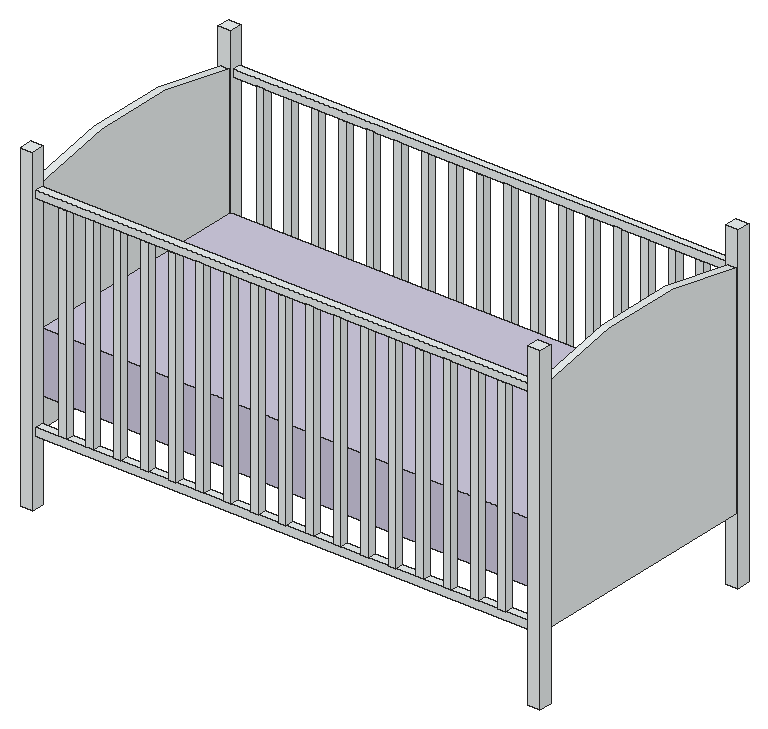
Revit family "05434d8a77da492ab79bade24e9361dd", category Furniture, Revit 2025
Family settings
  Work Plane-Based = No
  Enable Cutting in Views = No
  Always vertical = Yes
  Cut with Voids When Loaded = No
  Render Appearance Source = Family Geometry
  Shared = No
  Room Calculation Point = No
Parameters (values of type "1300x260x800mm")
  Material Mattress = Cloth - Pattern
  Material Frame = Paint - White
  Keynote = "N"
  Default Elevation = 0 mm
Reference planes
  plane 1 "Center F/B": y = 0
  plane 2: z = -4.762
  plane 3 "Center L/R": x = 0
  plane 4: y = -323.85
  plane 5: y = 323.85
  plane 6: x = -647.7
  plane 7: x = 647.7
  plane 8: z = 795.338
  plane 9: x = -615.95
  plane 10: x = 615.95
  plane 11: y = -292.1
  plane 12: y = 292.1
  plane 13: z = 395.287
  plane 14: x = -641.35
  plane 15: x = -622.3
  plane 16: x = -641.35
  plane 17: x = -622.3
  plane 18: y = -317.5
  plane 19: y = -298.45
  plane 20: y = 317.5
  plane 21: y = 298.45
  plane 22: x = 622.3
  plane 23: x = 641.35
  plane 24: x = 622.3
  plane 25: z = 165.252
  plane 26: z = 752.324
  plane 27: z = 714.224
  plane 28: x = -622.3
  plane 29: x = -547.511
  plane 30: x = -479.072
  plane 31: x = -410.633
  plane 32: x = -342.194
  plane 33: x = -273.756
  plane 34: x = -205.317
  plane 35: x = -136.878
  plane 36: x = -68.439
  plane 37: x = 68.439
  plane 38: x = 136.878
  plane 39: x = 205.317
  plane 40: x = 273.756
  plane 41: x = 342.194
  plane 42: x = 410.633
  plane 43: x = 479.072
  plane 44: x = 547.511
Forms (mm)
  Extrusion 1, solid, material "Cloth - Pattern" <- "Material Mattress"
    sketch origin (0, 0, 0) x (1, 0, 0) y (0, 1, 0)
      loop
        line (-615.95, -292.1) -> (615.95, -292.1) -> (615.95, 292.1) -> (-615.95, 292.1) -> (-615.95, -292.1)
    from 242.888 to 395.288
  Extrusion 2, solid, material "Paint - White" <- "Material Frame"
    sketch origin (0, 0, 0) x (1, 0, 0) y (0, 1, 0)
      loop
        line (-647.7, 323.85) -> (-647.7, 292.1) -> (-615.95, 292.1) -> (-615.95, 323.85) -> (-647.7, 323.85)
      loop
        line (615.95, 292.1) -> (647.7, 292.1) -> (647.7, 323.85) -> (615.95, 323.85) -> (615.95, 292.1)
      loop
        line (615.95, -292.1) -> (615.95, -323.85) -> (647.7, -323.85) -> (647.7, -292.1) -> (615.95, -292.1)
      loop
        line (-615.95, -292.1) -> (-647.7, -292.1) -> (-647.7, -323.85) -> (-615.95, -323.85) -> (-615.95, -292.1)
    from 0 to 800.1
  Extrusion 3, solid, material "Paint - White" <- "Material Frame"
    sketch origin (-615.95, 292.1, 395.288) x (0, 0, -1) y (0, -1, 0)
      loop
        arc (-318.936, 584.2) -> (-360.744, 292.1) -> (-318.936, 0) r 1041.326
        line (-318.936, 0) -> (230.036, 0) -> (230.036, 584.2) -> (-318.936, 584.2)
    from 6.35 to 25.4
  Extrusion 4, solid, material "Paint - White" <- "Material Frame"
    sketch origin (615.95, -292.1, 395.288) x (0, 0, -1) y (0, 1, 0)
      loop
        arc (-318.936, 584.2) -> (-360.741, 292.1) -> (-318.936, 0) r 1041.4
        line (-318.936, 0) -> (230.036, 0) -> (230.036, 584.2) -> (-318.936, 584.2)
    from 6.35 to 25.4
  Extrusion 5, solid, material "Paint - White" <- "Material Frame"
    sketch origin (0, 0, 0) x (1, 0, 0) y (0, 1, 0)
      loop
        line (-615.95, -317.5) -> (615.95, -317.5) -> (615.95, -298.45) -> (-615.95, -298.45) -> (-615.95, -317.5)
    from 184.302 to 165.252
  Extrusion 6, solid, material "Paint - White" <- "Material Frame"
    sketch origin (0, 0, 0) x (1, 0, 0) y (0, 1, 0)
      loop
        line (-615.95, -317.5) -> (615.95, -317.5) -> (615.95, -298.45) -> (-615.95, -298.45) -> (-615.95, -317.5)
    from 695.174 to 714.224
  Extrusion 7, solid, material "Paint - White" <- "Material Frame"
    sketch origin (1.913, 0, 0) x (1, 0, 0) y (0, 1, 0)
      loop
        line (-558.949, -298.45) -> (-558.949, -317.5) -> (-539.899, -317.5) -> (-539.899, -298.45) -> (-558.949, -298.45)
    from 184.302 to 695.174
  Extrusion 8, solid, material "Paint - White" <- "Material Frame"
    sketch origin (72.16, 0, 0) x (1, 0, 0) y (0, 1, 0)
      loop
        line (-560.757, -298.45) -> (-560.757, -317.5) -> (-541.707, -317.5) -> (-541.707, -298.45) -> (-560.757, -298.45)
    from 184.302 to 695.174
  Extrusion 9, solid, material "Paint - White" <- "Material Frame"
    sketch origin (139.7, 0, 0) x (1, 0, 0) y (0, 1, 0)
      loop
        line (-560.224, -298.45) -> (-560.224, -317.5) -> (-541.174, -317.5) -> (-541.174, -298.45) -> (-560.224, -298.45)
    from 184.302 to 695.174
  Extrusion 10, solid, material "Paint - White" <- "Material Frame"
    sketch origin (210.313, 0, 0) x (1, 0, 0) y (0, 1, 0)
      loop
        line (-562.033, -298.45) -> (-562.033, -317.5) -> (-542.983, -317.5) -> (-542.983, -298.45) -> (-562.033, -298.45)
    from 184.302 to 695.174
  Extrusion 11, solid, material "Paint - White" <- "Material Frame"
    sketch origin (285.244, 0, 0) x (1, 0, 0) y (0, 1, 0)
      loop
        line (-568.524, -298.45) -> (-568.524, -317.5) -> (-549.474, -317.5) -> (-549.474, -298.45) -> (-568.524, -298.45)
    from 184.302 to 695.174
  Extrusion 12, solid, material "Paint - White" <- "Material Frame"
    sketch origin (353.149, 0, 0) x (1, 0, 0) y (0, 1, 0)
      loop
        line (-567.991, -298.45) -> (-567.991, -317.5) -> (-548.941, -317.5) -> (-548.941, -298.45) -> (-567.991, -298.45)
    from 184.302 to 695.174
  Extrusion 13, solid, material "Paint - White" <- "Material Frame"
    sketch origin (421.055, 0, 0) x (1, 0, 0) y (0, 1, 0)
      loop
        line (-567.458, -298.45) -> (-567.458, -317.5) -> (-548.408, -317.5) -> (-548.408, -298.45) -> (-567.458, -298.45)
    from 184.302 to 695.174
  Extrusion 14, solid, material "Paint - White" <- "Material Frame"
    sketch origin (488.95, 0, 0) x (1, 0, 0) y (0, 1, 0)
      loop
        line (-566.925, -298.45) -> (-566.925, -317.5) -> (-547.875, -317.5) -> (-547.875, -298.45) -> (-566.925, -298.45)
    from 184.302 to 695.174
  Extrusion 15, solid, material "Paint - White" <- "Material Frame"
    sketch origin (555.625, 0, 0) x (1, 0, 0) y (0, 1, 0)
      loop
        line (-565.15, -298.45) -> (-565.15, -317.5) -> (-546.1, -317.5) -> (-546.1, -298.45) -> (-565.15, -298.45)
    from 184.302 to 695.174
  Extrusion 16, solid, material "Paint - White" <- "Material Frame"
    sketch origin (629.455, 0, 0) x (1, 0, 0) y (0, 1, 0)
      loop
        line (-570.541, -298.45) -> (-570.541, -317.5) -> (-551.491, -317.5) -> (-551.491, -298.45) -> (-570.541, -298.45)
    from 184.302 to 695.174
  Extrusion 17, solid, material "Paint - White" <- "Material Frame"
    sketch origin (704.386, 0, 0) x (1, 0, 0) y (0, 1, 0)
      loop
        line (-577.033, -298.45) -> (-577.033, -317.5) -> (-557.983, -317.5) -> (-557.983, -298.45) -> (-577.033, -298.45)
    from 184.302 to 695.174
  Extrusion 18, solid, material "Paint - White" <- "Material Frame"
    sketch origin (767.608, 0, 0) x (1, 0, 0) y (0, 1, 0)
      loop
        line (-571.817, -298.45) -> (-571.817, -317.5) -> (-552.767, -317.5) -> (-552.767, -298.45) -> (-571.817, -298.45)
    from 184.302 to 695.174
  Extrusion 19, solid, material "Paint - White" <- "Material Frame"
    sketch origin (840.197, 0, 0) x (1, 0, 0) y (0, 1, 0)
      loop
        line (-575.967, -298.45) -> (-575.967, -317.5) -> (-556.917, -317.5) -> (-556.917, -298.45) -> (-575.967, -298.45)
    from 184.302 to 695.174
  Extrusion 20, solid, material "Paint - White" <- "Material Frame"
    sketch origin (912.786, 0, 0) x (1, 0, 0) y (0, 1, 0)
      loop
        line (-580.117, -298.45) -> (-580.117, -317.5) -> (-561.067, -317.5) -> (-561.067, -298.45) -> (-580.117, -298.45)
    from 184.302 to 695.174
  Extrusion 21, solid, material "Paint - White" <- "Material Frame"
    sketch origin (976.009, 0, 0) x (1, 0, 0) y (0, 1, 0)
      loop
        line (-574.9, -298.45) -> (-574.9, -317.5) -> (-555.85, -317.5) -> (-555.85, -298.45) -> (-574.9, -298.45)
    from 184.302 to 695.174
  Extrusion 22, solid, material "Paint - White" <- "Material Frame"
    sketch origin (1050.925, 0, 0) x (1, 0, 0) y (0, 1, 0)
      loop
        line (-581.378, -298.45) -> (-581.378, -317.5) -> (-562.328, -317.5) -> (-562.328, -298.45) -> (-581.378, -298.45)
    from 184.302 to 695.174
  Extrusion 23, solid, material "Paint - White" <- "Material Frame"
    sketch origin (1123.528, 0, 0) x (1, 0, 0) y (0, 1, 0)
      loop
        line (-585.542, -298.45) -> (-585.542, -317.5) -> (-566.492, -317.5) -> (-566.492, -298.45) -> (-585.542, -298.45)
    from 184.302 to 695.174
  Extrusion 24, solid, material "Paint - White" <- "Material Frame"
    sketch origin (0, 615.95, 0) x (1, 0, 0) y (0, 1, 0)
      loop
        line (-615.95, -317.5) -> (615.95, -317.5) -> (615.95, -298.45) -> (-615.95, -298.45) -> (-615.95, -317.5)
    from 184.302 to 165.252
  Extrusion 25, solid, material "Paint - White" <- "Material Frame"
    sketch origin (0, 615.95, 0) x (1, 0, 0) y (0, 1, 0)
      loop
        line (-615.95, -317.5) -> (615.95, -317.5) -> (615.95, -298.45) -> (-615.95, -298.45) -> (-615.95, -317.5)
    from 695.174 to 714.224
  Extrusion 26, solid, material "Paint - White" <- "Material Frame"
    sketch origin (8.114, 615.95, 0) x (1, 0, 0) y (0, 1, 0)
      loop
        line (-565.15, -298.45) -> (-565.15, -317.5) -> (-546.1, -317.5) -> (-546.1, -298.45) -> (-565.15, -298.45)
    from 184.302 to 695.174
  Extrusion 27, solid, material "Paint - White" <- "Material Frame"
    sketch origin (76.553, 615.95, 0) x (1, 0, 0) y (0, 1, 0)
      loop
        line (-565.15, -298.45) -> (-565.15, -317.5) -> (-546.1, -317.5) -> (-546.1, -298.45) -> (-565.15, -298.45)
    from 184.302 to 695.174
  Extrusion 28, solid, material "Paint - White" <- "Material Frame"
    sketch origin (144.992, 615.95, 0) x (1, 0, 0) y (0, 1, 0)
      loop
        line (-565.15, -298.45) -> (-565.15, -317.5) -> (-546.1, -317.5) -> (-546.1, -298.45) -> (-565.15, -298.45)
    from 184.302 to 695.174
  Extrusion 29, solid, material "Paint - White" <- "Material Frame"
    sketch origin (213.431, 615.95, 0) x (1, 0, 0) y (0, 1, 0)
      loop
        line (-565.15, -298.45) -> (-565.15, -317.5) -> (-546.1, -317.5) -> (-546.1, -298.45) -> (-565.15, -298.45)
    from 184.302 to 695.174
  Extrusion 30, solid, material "Paint - White" <- "Material Frame"
    sketch origin (281.869, 615.95, 0) x (1, 0, 0) y (0, 1, 0)
      loop
        line (-565.15, -298.45) -> (-565.15, -317.5) -> (-546.1, -317.5) -> (-546.1, -298.45) -> (-565.15, -298.45)
    from 184.302 to 695.174
  Extrusion 31, solid, material "Paint - White" <- "Material Frame"
    sketch origin (350.308, 615.95, 0) x (1, 0, 0) y (0, 1, 0)
      loop
        line (-565.15, -298.45) -> (-565.15, -317.5) -> (-546.1, -317.5) -> (-546.1, -298.45) -> (-565.15, -298.45)
    from 184.302 to 695.174
  Extrusion 32, solid, material "Paint - White" <- "Material Frame"
    sketch origin (418.747, 615.95, 0) x (1, 0, 0) y (0, 1, 0)
      loop
        line (-565.15, -298.45) -> (-565.15, -317.5) -> (-546.1, -317.5) -> (-546.1, -298.45) -> (-565.15, -298.45)
    from 184.302 to 695.174
  Extrusion 33, solid, material "Paint - White" <- "Material Frame"
    sketch origin (487.186, 615.95, 0) x (1, 0, 0) y (0, 1, 0)
      loop
        line (-565.15, -298.45) -> (-565.15, -317.5) -> (-546.1, -317.5) -> (-546.1, -298.45) -> (-565.15, -298.45)
    from 184.302 to 695.174
  Extrusion 34, solid, material "Paint - White" <- "Material Frame"
    sketch origin (555.625, 615.95, 0) x (1, 0, 0) y (0, 1, 0)
      loop
        line (-565.15, -298.45) -> (-565.15, -317.5) -> (-546.1, -317.5) -> (-546.1, -298.45) -> (-565.15, -298.45)
    from 184.302 to 695.174
  Extrusion 35, solid, material "Paint - White" <- "Material Frame"
    sketch origin (624.064, 615.95, 0) x (1, 0, 0) y (0, 1, 0)
      loop
        line (-565.15, -298.45) -> (-565.15, -317.5) -> (-546.1, -317.5) -> (-546.1, -298.45) -> (-565.15, -298.45)
    from 184.302 to 695.174
  Extrusion 36, solid, material "Paint - White" <- "Material Frame"
    sketch origin (711.553, 615.95, 0) x (1, 0, 0) y (0, 1, 0)
      loop
        line (-584.2, -298.45) -> (-584.2, -317.5) -> (-565.15, -317.5) -> (-565.15, -298.45) -> (-584.2, -298.45)
    from 184.302 to 695.174
  Extrusion 37, solid, material "Paint - White" <- "Material Frame"
    sketch origin (767.608, 615.95, 0) x (1, 0, 0) y (0, 1, 0)
      loop
        line (-571.817, -298.45) -> (-571.817, -317.5) -> (-552.767, -317.5) -> (-552.767, -298.45) -> (-571.817, -298.45)
    from 184.302 to 695.174
  Extrusion 38, solid, material "Paint - White" <- "Material Frame"
    sketch origin (848.431, 615.95, 0) x (1, 0, 0) y (0, 1, 0)
      loop
        line (-584.2, -298.45) -> (-584.2, -317.5) -> (-565.15, -317.5) -> (-565.15, -298.45) -> (-584.2, -298.45)
    from 184.302 to 695.174
  Extrusion 39, solid, material "Paint - White" <- "Material Frame"
    sketch origin (912.786, 615.95, 0) x (1, 0, 0) y (0, 1, 0)
      loop
        line (-580.117, -298.45) -> (-580.117, -317.5) -> (-561.067, -317.5) -> (-561.067, -298.45) -> (-580.117, -298.45)
    from 184.302 to 695.174
  Extrusion 40, solid, material "Paint - White" <- "Material Frame"
    sketch origin (976.009, 615.95, 0) x (1, 0, 0) y (0, 1, 0)
      loop
        line (-574.9, -298.45) -> (-574.9, -317.5) -> (-555.85, -317.5) -> (-555.85, -298.45) -> (-574.9, -298.45)
    from 184.302 to 695.174
  Extrusion 41, solid, material "Paint - White" <- "Material Frame"
    sketch origin (1050.925, 615.95, 0) x (1, 0, 0) y (0, 1, 0)
      loop
        line (-581.378, -298.45) -> (-581.378, -317.5) -> (-562.328, -317.5) -> (-562.328, -298.45) -> (-581.378, -298.45)
    from 184.302 to 695.174
  Extrusion 42, solid, material "Paint - White" <- "Material Frame"
    sketch origin (1123.528, 615.95, 0) x (1, 0, 0) y (0, 1, 0)
      loop
        line (-585.542, -298.45) -> (-585.542, -317.5) -> (-566.492, -317.5) -> (-566.492, -298.45) -> (-585.542, -298.45)
    from 184.302 to 695.174
Lines and regions (mm)
  Masking region 1
    outline origin (0, 0, 0) x (1, 0, 0) y (0, 1, 0)
      loop
        line (-647.7, 323.85) -> (-647.7, 292.1) -> (-641.35, 292.1) -> (-641.35, -292.1) -> (-647.7, -292.1) -> (-647.7, -323.85) -> (-615.95, -323.85) -> (-615.95, -317.5) -> (615.95, -317.5) -> (615.95, -323.85) -> (647.7, -323.85) -> (647.7, -292.1) -> (641.35, -292.1) -> (641.35, 292.1) -> (647.7, 292.1) -> (647.7, 323.85) -> (615.95, 323.85) -> (615.95, 317.5) -> (-615.95, 317.5) -> (-615.95, 323.85) -> (-647.7, 323.85)
  symbolic lines
    curve 1: line (-647.7, 292.1, 0) -> (-615.95, 292.1, 0)
    curve 2: line (-647.7, 323.85, 0) -> (-647.7, 292.1, 0)
    curve 3: line (-615.95, 323.85, 0) -> (-647.7, 323.85, 0)
    curve 4: line (-615.95, 292.1, 0) -> (-615.95, 323.85, 0)
    curve 5: line (-647.7, -323.85, 0) -> (-615.95, -323.85, 0)
    curve 6: line (-647.7, -292.1, 0) -> (-647.7, -323.85, 0)
    curve 7: line (-615.95, -292.1, 0) -> (-647.7, -292.1, 0)
    curve 8: line (-615.95, -323.85, 0) -> (-615.95, -292.1, 0)
    curve 9: line (615.95, -323.85, 0) -> (647.7, -323.85, 0)
    curve 10: line (615.95, -292.1, 0) -> (615.95, -323.85, 0)
    curve 11: line (647.7, -292.1, 0) -> (615.95, -292.1, 0)
    curve 12: line (647.7, -323.85, 0) -> (647.7, -292.1, 0)
    curve 13: line (615.95, 292.1, 0) -> (647.7, 292.1, 0)
    curve 14: line (615.95, 323.85, 0) -> (615.95, 292.1, 0)
    curve 15: line (647.7, 323.85, 0) -> (615.95, 323.85, 0)
    curve 16: line (647.7, 292.1, 0) -> (647.7, 323.85, 0)
    curve 17: line (-615.95, -292.1, 0) -> (615.95, -292.1, 0)
    curve 18: line (-615.95, 292.1, 0) -> (-615.95, -292.1, 0)
    curve 19: line (615.95, 292.1, 0) -> (-615.95, 292.1, 0)
    curve 20: line (615.95, -292.1, 0) -> (615.95, 292.1, 0)
    curve 21: line (641.35, 292.1, 0) -> (622.3, 292.1, 0)
    curve 22: line (641.35, -292.1, 0) -> (641.35, 292.1, 0)
    curve 23: line (622.3, -292.1, 0) -> (641.35, -292.1, 0)
    curve 24: line (622.3, 292.1, 0) -> (622.3, -292.1, 0)
    curve 25: line (-641.35, 292.1, 0) -> (-615.95, 292.1, 0)
    curve 26: line (-641.35, -292.1, 0) -> (-641.35, 292.1, 0)
    curve 27: line (-615.95, -292.1, 0) -> (-641.35, -292.1, 0)
    curve 28: line (-615.95, 292.1, 0) -> (-615.95, -292.1, 0)
    curve 29: line (-615.95, -298.45, 0) -> (615.95, -298.45, 0)
    curve 30: line (-615.95, -317.5, 0) -> (-615.95, -298.45, 0)
    curve 31: line (615.95, -317.5, 0) -> (-615.95, -317.5, 0)
    curve 32: line (615.95, -298.45, 0) -> (615.95, -317.5, 0)
    curve 33: line (615.95, 298.45, 0) -> (-615.95, 298.45, 0)
    curve 34: line (615.95, 317.5, 0) -> (615.95, 298.45, 0)
    curve 35: line (-615.95, 317.5, 0) -> (615.95, 317.5, 0)
    curve 36: line (-615.95, 298.45, 0) -> (-615.95, 317.5, 0)
Dimensions and locks
  locked: plane 4 to plane 5 at 647.7
  equal spacing: plane 4, plane 1 "Center F/B", plane 5
  equal spacing: plane 6, plane 3 "Center L/R", plane 7
  locked: plane 6 to plane 7 at 1295.4
  locked: plane 6 to plane 9 at 31.75
  locked: plane 10 to plane 7 at 31.75
  locked: plane 12 to plane 5 at 31.75
  locked: plane 4 to plane 11 at 31.75
  equal spacing: plane 8, plane 13, plane 2, locked at 400.05 each
  locked: plane 8 to plane 2 at 800.1
  plane 8 to plane 26 to plane 27 = 43.014 mm, 38.1 mm
  plane 25 to plane 2 = 170.014 mm
  Extrusion 15 to plane 3 "Center L/R" to Extrusion 15 = 9.525 mm locked, 9.525 mm locked
  Extrusion 16 to plane 37 to Extrusion 16 = 9.525 mm locked, 9.525 mm locked
  Extrusion 17 to plane 38 to Extrusion 17 = 9.525 mm locked, 9.525 mm locked
  Extrusion 18 to plane 39 to Extrusion 18 = 9.525 mm locked, 9.525 mm locked
  Extrusion 19 to plane 40 to Extrusion 19 = 9.525 mm locked, 9.525 mm locked
  Extrusion 20 to plane 41 to Extrusion 20 = 9.525 mm locked, 9.525 mm locked
  Extrusion 21 to plane 42 to Extrusion 21 = 9.525 mm locked, 9.525 mm locked
  Extrusion 22 to plane 43 to Extrusion 22 = 9.525 mm locked, 9.525 mm locked
  Extrusion 23 to plane 44 to Extrusion 23 = 9.525 mm locked, 9.525 mm locked
  Extrusion 14 to plane 36 to Extrusion 14 = 9.514 mm locked, 9.536 mm locked
  Extrusion 13 to plane 35 to Extrusion 13 = 9.525 mm locked, 9.525 mm locked
  Extrusion 12 to plane 34 to Extrusion 12 = 9.525 mm locked, 9.525 mm locked
  Extrusion 11 to plane 33 to Extrusion 11 = 9.525 mm locked, 9.525 mm locked
  Extrusion 10 to plane 32 to Extrusion 10 = 9.525 mm locked, 9.525 mm locked
  Extrusion 9 to plane 31 to Extrusion 9 = 9.159 mm locked, 9.891 mm locked
  Extrusion 8 to plane 30 to Extrusion 8 = 9.525 mm locked, 9.525 mm locked
  Extrusion 7 to plane 29 to Extrusion 7 = 9.525 mm locked, 9.525 mm locked
  locked: Extrusion 1 to Extrusion 1 at 152.4
  aligned and locked: Extrusion 1 to plane 13
  aligned and locked: plane 25 to Extrusion 5
  aligned and locked: Extrusion 7 to Extrusion 6
  aligned and locked: Extrusion 7 to Extrusion 5
  aligned and locked: Extrusion 39 to Extrusion 20  (x2)
  aligned and locked: Extrusion 40 to Extrusion 21  (x2)
  aligned and locked: Extrusion 41 to Extrusion 22  (x2)
  aligned and locked: Extrusion 42 to Extrusion 23  (x2)
  aligned and locked: plane 17 to Extrusion 3
  aligned and locked: Extrusion 3 to plane 16
  aligned and locked: Masking region 1 sketch curve to Extrusion 2  (x12)
  aligned and locked: Extrusion 2 to Masking region 1 sketch curve  (x4)
  aligned and locked: Masking region 1 sketch curve to Extrusion 25
  aligned and locked: Masking region 1 sketch curve to Extrusion 3
  aligned and locked: Masking region 1 sketch curve to Extrusion 6
  aligned and locked: Masking region 1 sketch curve to Extrusion 4
